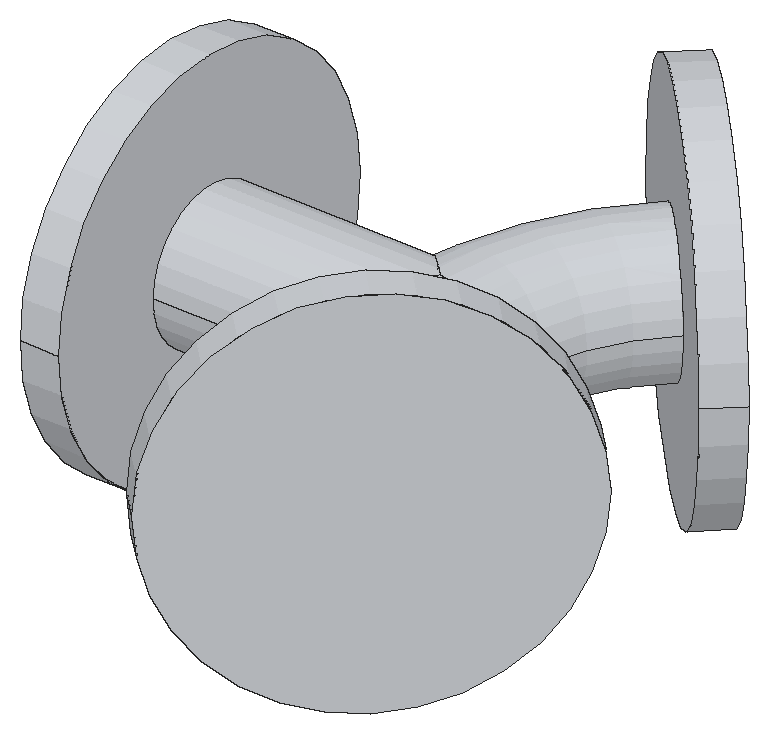
Revit family "M_Real Y - Flange - GI - Classe 125", category Conexões de tubo, Revit 2019
Family settings
  Cota do conector redondo = Usar raio
  Tipo de parte = Ipsílon
  Número OmniClass = 23.60.30.11.14
  Título OmniClass = Pipework Fittings
  ID de item do Seek = Wye True - Flanged - GI - Class 125-0000-CAN-ENU
  Com base no plano de trabalho = Não
  Sempre na vertical = Sim
  Corte com vazios quando carregada = Não
  Compartilhado = Não
Parameters (values of type "Padrão")
  Espessura da parede [instance] = size_lookup(Nome da tabela de pesquisa, "WThk", 0.04 * Diâmetro nominal + 7.938 mm, Diâmetro nominal)  # 7.9 mm
  Tamanho da marca de revisão [instance] = Diâmetro da flange * 0.4  # 43.2 mm
  Centro curto até a face [instance] = size_lookup(Nome da tabela de pesquisa, "SCtF", 0.296 * Diâmetro nominal + 46.732 mm, Diâmetro nominal)  # 45 mm
  Raio 1 [instance] = if(Diâmetro da flange / 2 > Comprimento 3 * tan(Ângulo 1), Diâmetro da flange / 2 + 3.076 mm, Comprimento 3 * tan(Ângulo 1))  # 77.9 mm
  Raio 2 [instance] = if(Diâmetro da flange / 2 > sin(Ângulo 2) * Comprimento 6 / (1 - sin(Ângulo 2)), Diâmetro da flange / 2 + 3.076 mm, sin(Ângulo 2) * Comprimento 6 / (1 - sin(Ângulo 2)))  # 77.9 mm
  Método de perda = Não definido
  Nome da tabela de pesquisa = "M_Wye True - Flanged - GI - Class 125"
  Comprimento 9 [instance] = Raio 1 * sin(Ângulo 3) + Espessura do flange * cos(Ângulo 3)  # 62.933 mm
  Comprimento 8 [instance] = Comprimento 4 - Raio 1 * cos(Ângulo 3) + Espessura do flange * sin(Ângulo 3)  # 62.933 mm
  Comprimento 7 [instance] = Comprimento 3 + Espessura do flange  # 89 mm
  Comprimento 6 [instance] = Comprimento 4 - Raio 1  # 32.267 mm
  Comprimento 4 [instance] = Raio 1 / sin(Ângulo 1)  # 110.167 mm
  Comprimento 5 [instance] = Raio 2 + Comprimento 6  # 110.167 mm
  Comprimento 3 [instance] = if(Comprimento 1 < Comprimento 2, Centro à face - Espessura do flange, Comprimento 1 / sin(Ângulo 5))  # 77.9 mm
  Comprimento 2 [instance] = (Centro à face - Espessura do flange) * sin(Ângulo 5)  # 55.084 mm
  Comprimento 11 [instance] = Raio 2 * sin(Ângulo 4) + Espessura do flange * cos(Ângulo 4)  # 62.933 mm
  Comprimento 10 [instance] = Comprimento 5 - Raio 2 * cos(Ângulo 4) + Espessura do flange * sin(Ângulo 4)  # 62.933 mm
  Comprimento 1 [instance] = Raio da flange * cos(Ângulo 5)  # 38.184 mm
  K Coefficient Table = (empty or 0)
  Raio externo da conexão [instance] = Diâmetro externo da conexão / 2  # 20.4 mm
  Diâmetro externo da conexão [instance] = Diâmetro interno da conexão + Espessura da parede * 2  # 40.8 mm
  Centro à face [instance] = size_lookup(Nome da tabela de pesquisa, "CtF", 0.68 * Diâmetro nominal + 95.647 mm, Diâmetro nominal)  # 89 mm
  Raio nominal [instance] = 12.5 mm
  Diâmetro nominal [instance] = Raio nominal * 2  # 25 mm
  Espessura do flange [instance] = size_lookup(Nome da tabela de pesquisa, "FThk", 0.05 * Diâmetro nominal + 15.974 mm, Diâmetro nominal)  # 11.1 mm
  Raio da flange [instance] = Diâmetro da flange / 2  # 54 mm
  Diâmetro da flange [instance] = size_lookup(Nome da tabela de pesquisa, "FDia", 1.19 * Diâmetro nominal + 100.806 mm, Diâmetro nominal)  # 108 mm
  Diâmetro interno da conexão [instance] = size_lookup(Nome da tabela de pesquisa, "FID", 1.02 * Diâmetro nominal - 1.091 mm, Diâmetro nominal)  # 25 mm
  Ângulo 5 [instance] = if(Ângulo 1 < Ângulo 2, Ângulo 1, Ângulo 2)  # 45.00°
  Ângulo 3 [instance] = 90.00° - Ângulo 1  # 45.00°
  Ângulo 4 [instance] = 90.00° - Ângulo 2  # 45.00°
  Ângulo 1 [instance] = 45.00°
  Ângulo 2 [instance] = 45.00°
Reference planes
  plane 1 "Centro (Frente/Trás)": y = 0
  plane 2: z = 0
  plane 3 "Centro (Esquerda/Direita)": x = 0
  plane 4: x = -45
  plane 5: x = -33.9
  plane 6: x = 110.167
  plane 7: x = 32.267
  plane 8: x = 110.167
  plane 9: x = 32.267
  plane 10: y = 43.2
  plane 11: y = -43.2
  plane 12: y = -62.933
  plane 13: x = 62.933
  plane 14: y = 62.933
  plane 15: x = 62.933
Forms (mm)
  Sweep 1, solid, detail levels fine
    path in 3D
      loop
        line (-33.9, 0, 0) -> (32.267, 0, 0)
    profile origin (-0.816, 0, 0) x (0, 1, 0) y (0, 0, 1)
      loop
        circle (0, 0) r 20.4
  Sweep 2, solid, detail levels fine
    path in 3D
      loop
        line (-45, 0, 0) -> (-33.9, 0, 0)
    profile origin (-39.45, 0, 0) x (0, 1, 0) y (0, 0, 1)
      loop
        circle (0, 0) r 54
  Sweep 3, solid, detail levels fine
    path in 3D
      loop
        arc (32.267, 0, 0) -> (38.197, 29.811, 0) -> (55.084, 55.084, 0) r 77.9
    profile origin (38.197, 29.811, 0) x (-0.92388, 0.382683, 0) y (0, 0, 1)
      loop
        circle (0, 0) r 20.4
  Sweep 4, solid, detail levels fine
    path in 3D
      loop
        arc (32.267, 0, 0) -> (38.197, -29.811, 0) -> (55.084, -55.084, 0) r 77.9
    profile origin (38.197, -29.811, 0) x (0.92388, 0.382683, 0) y (0, 0, 1)
      loop
        circle (0, 0) r 20.4
  Sweep 5, solid, detail levels fine
    path in 3D
      loop
        line (62.933, 62.933, 0) -> (55.084, 55.084, 0)
    profile origin (59.008, 59.008, 0) x (0.707107, -0.707107, 0) y (0, 0, 1)
      loop
        circle (0, 0) r 54
  Sweep 6, solid, detail levels fine
    path in 3D
      loop
        line (62.933, -62.933, 0) -> (55.084, -55.084, 0)
    profile origin (59.008, -59.008, 0) x (-0.707107, -0.707107, 0) y (0, 0, 1)
      loop
        circle (0, 0) r 54
Cuts and joins
  joined: Sweep 1, Sweep 2, Sweep 3, Sweep 4, Sweep 5, Sweep 6
Lines and regions (mm)
  model lines, detail levels coarse+medium
    curve 1: line (-45, 0, 0) -> (-33.9, 0, 0)
    curve 2: line (-33.9, 0, 0) -> (0, 0, 0)
    curve 3: arc (32.267, 0, 0) -> (38.197, 29.811, 0) -> (55.084, 55.084, 0) r 77.9
    curve 4: arc (32.267, 0, 0) -> (38.197, -29.811, 0) -> (55.084, -55.084, 0) r 77.9
    curve 5: line (-33.9, 0, 0) -> (32.267, 0, 0)
    curve 6: line (-33.9, 0, 0) -> (32.267, 0, 0)
    curve 11: line (-45, 43.2, 0) -> (-45, -43.2, 0)
    curve 15: line (62.933, 62.933, 0) -> (93.48, 32.385, 0)
    curve 16: line (62.933, 62.933, 0) -> (32.385, 93.48, 0)
    curve 17: line (62.933, 62.933, 0) -> (55.084, 55.084, 0)
    curve 19: line (62.933, -62.933, 0) -> (32.385, -93.48, 0)
    curve 20: line (62.933, -62.933, 0) -> (93.48, -32.385, 0)
    curve 21: line (62.933, -62.933, 0) -> (55.084, -55.084, 0)
  sketch lines
    curve 7: line (-33.9, 0, 0) -> (32.267, 0, 0)
    curve 8: line (-45, 0, 0) -> (-33.9, 0, 0)
    curve 9: arc (32.267, 0, 0) -> (38.197, 29.811, 0) -> (55.084, 55.084, 0) r 77.9
    curve 10: arc (32.267, 0, 0) -> (38.197, -29.811, 0) -> (55.084, -55.084, 0) r 77.9
    curve 18: line (62.933, 62.933, 0) -> (55.084, 55.084, 0)
    curve 22: line (62.933, -62.933, 0) -> (55.084, -55.084, 0)
  reference lines
    curve 12: line (-45, 0, 0) -> (-33.9, 0, 0)
    curve 13: line (62.933, -62.933, 0) -> (55.084, -55.084, 0)
    curve 14: line (62.933, 62.933, 0) -> (55.084, 55.084, 0)
Dimensions and locks
  "Espessura do flange": plane 4 to plane 5
  "Centro curto até a face": plane 4 to plane 3 "Centro (Esquerda/Direita)"
  "Comprimento 5": plane 3 "Centro (Esquerda/Direita)" to plane 6
  "Raio 2": plane 7 to plane 6
  "Comprimento 4": plane 3 "Centro (Esquerda/Direita)" to plane 8
  "Raio 1": plane 9 to plane 8
  "Tamanho da marca de revisão": plane 10 to plane 1 "Centro (Frente/Trás)"
  "Tamanho da marca de revisão": plane 11 to plane 1 "Centro (Frente/Trás)"
  "Comprimento 8": plane 3 "Centro (Esquerda/Direita)" to plane 13
  "Comprimento 9": plane 1 "Centro (Frente/Trás)" to plane 12
  "Comprimento 11": plane 14 to plane 1 "Centro (Frente/Trás)"
  "Comprimento 10": plane 3 "Centro (Esquerda/Direita)" to plane 15
  "Tamanho da marca de revisão": curve 15 to curve 15
  "Tamanho da marca de revisão": curve 16 to curve 16
  "Espessura do flange": curve 17 to curve 17
  "Tamanho da marca de revisão": curve 19 to curve 19
  "Tamanho da marca de revisão": curve 20 to curve 20
  "Espessura do flange": curve 21 to curve 21
  "Raio 2": radius of curve 3
  "Raio 1": radius of curve 4
  "Raio externo da conexão": radius of Sweep 1 sketch curve
  "Raio da flange": radius of Sweep 2 sketch curve
  "Raio externo da conexão": radius of Sweep 3 sketch curve
  "Raio externo da conexão": radius of Sweep 4 sketch curve
  "Raio da flange": radius of Sweep 5 sketch curve
  "Raio da flange": radius of Sweep 6 sketch curve
  "Ângulo 4": angle curve 3 to curve 3
  "Ângulo 3": angle curve 4 to curve 4
  "Ângulo 3": angle plane 13 to curve 13
  "Ângulo 4": angle curve 14 to plane 15
  "Ângulo 4": angle curve 15 to plane 14
  "Ângulo 4": angle curve 16 to plane 14
  "Ângulo 4": angle curve 17 to plane 15
  "Ângulo 3": angle plane 12 to curve 19
  "Ângulo 3": angle plane 12 to curve 20
  "Ângulo 3": angle plane 13 to curve 21
  aligned and locked: plane 4 to curve 1
  aligned and locked: plane 1 "Centro (Frente/Trás)" to curve 1
  aligned and locked: plane 1 "Centro (Frente/Trás)" to curve 3
  aligned and locked: plane 1 "Centro (Frente/Trás)" to curve 4
  aligned and locked: plane 5 to curve 5
  aligned and locked: plane 1 "Centro (Frente/Trás)" to curve 5
  aligned and locked: plane 10 to curve 11
  aligned and locked: plane 11 to curve 11
  aligned and locked: curve 11 to plane 4
  aligned and locked: plane 4 to curve 12
  aligned and locked: plane 1 "Centro (Frente/Trás)" to curve 12
  aligned and locked: plane 12 to curve 13
  aligned and locked: plane 13 to curve 13
  aligned and locked: plane 14 to curve 14
  aligned and locked: plane 15 to curve 14
  aligned and locked: plane 15 to curve 17
  aligned and locked: plane 13 to curve 19
Automatic sketch dimensions
  Sweep 1 sketch curve to profile plane = 0 mm  (x2)
  Sweep 2 sketch curve to profile plane = 0 mm  (x2)
  Sweep 3 sketch curve to profile plane = 0 mm  (x2)
  Sweep 4 sketch curve to profile plane = 0 mm  (x2)
  Sweep 5 sketch curve to profile plane = 0 mm  (x2)
  Sweep 6 sketch curve to profile plane = 0 mm  (x2)
  curve 2 to plane 3 "Centro (Esquerda/Direita)" = 0 mm
  curve 12 to plane 5 = 0 mm
Connectors
  piping at (-45, 0, 0), diameter 25, driven by "Raio nominal"
    settings: on cut or joined group of Sweep 1, Sweep 2, Sweep 3, Sweep 4, Sweep 5, Sweep 6, index 1, connector inside diameter 25 mm, connector length 0 mm, flow factor 0, pipe flow 0.0 L/s, pressure drop 0.0 Pa, fitting loss kfactor 0, connector angle 0.00°, fixture units 0, engagement length 0 mm, angle of deflection 0.00°, flow configuration 0, flow direction 0, fitting loss method 0, system type 28, joint type 0, gender type 0, connector reference index -1, connector utility 0, adjustable connector no, is connector primary yes, connector description ""
  piping at (62.933, -62.933, 0), diameter 25, driven by "Ângulo 1", driven by "Raio nominal"
    settings: on cut or joined group of Sweep 1, Sweep 2, Sweep 3, Sweep 4, Sweep 5, Sweep 6, index 2, connector inside diameter 25 mm, connector length 0 mm, flow factor 0, pipe flow 0.0 L/s, pressure drop 0.0 Pa, fitting loss kfactor 0, connector angle 45.00°, fixture units 0, engagement length 0 mm, angle of deflection 0.00°, flow configuration 0, flow direction 0, fitting loss method 0, system type 28, joint type 0, gender type 0, connector reference index -1, connector utility 0, adjustable connector no, is connector primary no, connector description ""
  piping at (62.933, 62.933, 0), diameter 25, driven by "Ângulo 2", driven by "Raio nominal"
    settings: on cut or joined group of Sweep 1, Sweep 2, Sweep 3, Sweep 4, Sweep 5, Sweep 6, index 3, connector inside diameter 25 mm, connector length 0 mm, flow factor 0, pipe flow 0.0 L/s, pressure drop 0.0 Pa, fitting loss kfactor 0, connector angle 45.00°, fixture units 0, engagement length 0 mm, angle of deflection 0.00°, flow configuration 0, flow direction 0, fitting loss method 0, system type 28, joint type 0, gender type 0, connector reference index -1, connector utility 0, adjustable connector no, is connector primary no, connector description ""
